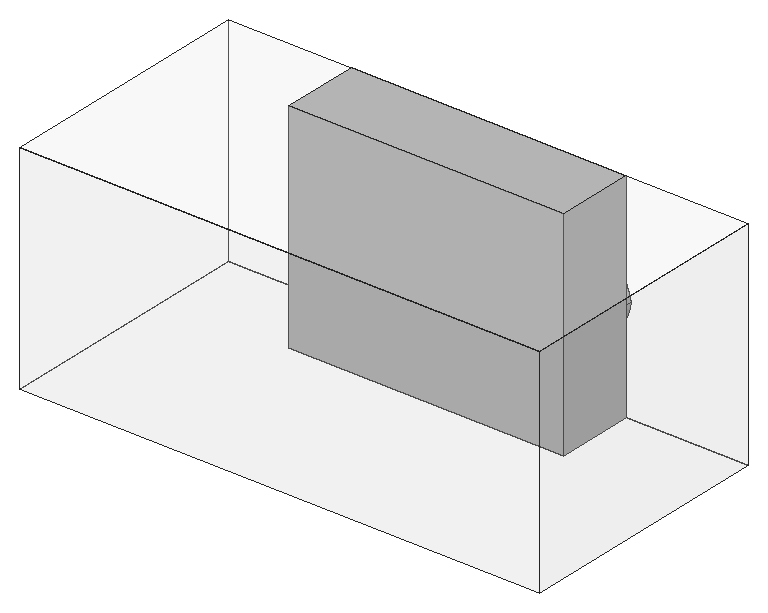
Revit family "scf-40_50lx_ls2_60Hz", category 機械設備, Revit 2019
Family settings
  丸型コネクタ寸法 = 直径を使用
  パーツ タイプ = 標準
  OmniClass 番号 = 23.75.10.34.21
  OmniClass タイトル = Heat Exchangers for Ventilation Air
  作業面ベース = いいえ
  常に垂直 = はい
  ロード時にボイドで切り取り = いいえ
  共有 = いいえ
  部屋計算ポイント = はい
Parameters (values of type "SCF-40LS2")
  騒音レベル(dB(A)) = 39.5
  風量 = 400.0 m³/h
  面風速 = 3.54 m/s
  電源種別 [instance] = "一般"
  電圧 = 100 V
  電動機出力 = 0 W
  集中コントローラ = ""
  運転質量 = 0.00 kg
  連動 [instance] = ""
  質量 = if(製品質量 > 運転質量, 製品質量, 運転質量) * 1.2  # 32.40 kg
  負荷分類 = 3_ファン類
  説明 = "学校用ロスナイ 床置形 スタンダードタイプ"
  設計風量 = 0.0 m³/h
  設置方法 = "床置形"
  記号 [instance] = ""
  製造元 = "三菱電機株式会社"
  製品質量 = 27.00 kg
  製品出荷対象 = "国内"
  製品リリース年月 = "2007/7/1"
  製品グループ = ""
  系統 [instance] = ""
  符号 = "HEU"
  積算_科目 = "1 空気調和設備"
  積算_拾い区分 [instance] = ""
  相 = 1
  盤記号 [instance] = ""
  発停方法 [instance] = "別売リモコン"
  特殊仕様 [instance] = ""
  火災停止 [instance] = ""
  温度交換効率 = 60.00%
  消費電力 = 149 W
  法定耐用年数 = "15"
  機外静圧_排気 = 40.0 Pa
  機外静圧 = 40.0 Pa
  極数 = 2
  材質 [instance] = ""
  本体マテリアル = none
  操作・制御方式 = ""
  操作・制御スイッチ = ""
  排気量 = 0.0 m³/h
  形式 = "床置形"
  幹線記号 [instance] = ""
  対象室 [instance] = ""
  実風量 = 0.0 m³/h
  始動方式 [instance] = "直入"
  外気量 = 0.0 m³/h
  呼称 = "全熱交換ユニット"
  周波数 = 60 Hz
  取付金具ピッチ1 = 845 mm
  取付金具_高さ = 580 mm
  参照している仕様書等のバージョン = ""
  初期抵抗 = 0.0 Pa
  分類コード = "50052504100050"
  分類グループ = ""
  価格 = 272000
  企業コード = "108420"
  付属品_フィルター_還気 = ""
  付属品_フィルター = ""
  付属品 [instance] = ""
  仕様書バージョン = "Version1.0"
  モデル = "SCF-40LS2"
  メンテナンススペース = yes
  コメント [instance] = ""
  Keynote = ""
  エンタルピ交換効率_暖房 = 45.00%
  エンタルピ交換効率_冷房 = 40.00%
  Assembly Code = ""
  Width = 900 mm
  Version = ""
  Uniclass2015Version = "Systems v1.9"
  Uniclass2015Title = "Thermal wheels"
  Uniclass2015Code = "Pr_60_60_36_88"
  URL = "https://www.mitsubishielectric.co.jp/ldg/wink/ssl/displayProduct.do?pid=161516"
  SpecificationReference = ""
  SpecificationDescription = ""
  Duct_W = 300 mm
  SAサイズ_D = 0 mm
  Revision = ""
  RAサイズ_D = 0 mm
  ProductInformation = ""
  OmniClassCode = "23-27 23 19 11"
  OAサイズ_W = 0 mm
  OAサイズ_D = 192 mm
  MIN風量 = 200.0 m³/h
  MIN静圧 = 10.0 Pa
  MAX風量 = 400.0 m³/h
  MAX静圧 = 40.0 Pa
  IfcTypeProduct = ""
  IfcProduct = ""
  IfcExportType = "ROTARYWHEEL"
  IfcExportAs = "IfcAirToAirHeatRecoveryType"
  Height = 710 mm
  EAサイズ_W = 0 mm
  EAサイズ_D = 192 mm
  Duct_Pitch = 600 mm
  Duct_Height = 280 mm
  Duct_Depth = 85 mm
  Depth = 255 mm
  Clearance Top = 0 mm
  Clearance Left = 400 mm
  Clearance Right = 400 mm
  Clearance Front = 600 mm
  Clearance Bottom = 0 mm
  Author = "三菱電機株式会社"
Types (4, lengths in mm): name | 騒音レベル(dB(A)) | 風量 | 面風速 | 質量 | 説明 | 製品質量 | 製品リリース年月 | 温度交換効率 | 消費電力 | 機外静圧_排気 | 機外静圧 | 取付金具_高さ | 価格 | モデル | エンタルピ交換効率_暖房 | エンタルピ交換効率_冷房 | URL | Duct_W | MIN風量 | MIN静圧 | MAX風量 | MAX静圧 | Height | Depth
  SCF-40LX | 39.5 | 400.0 m³/h | 3.54 m/s | 33.60 kg | "学校用ロスナイ 床置形 フリープランタイプ" | 28.00 kg | "2019/3/1" | 60.00% | 149 W | 40.0 Pa | 40.0 Pa | 580 | 335000 | "SCF-40LX" | 45.00% | 40.00% | "https://www.mitsubishielectric.co.jp/ldg/wink/ssl/displayProduct.do?pid=297464" | 300 | 200.0 m³/h | 10.0 Pa | 400.0 m³/h | 40.0 Pa | 710 | 255
  SCF-50LX | 43 | 500.0 m³/h | 4.42 m/s | 44.40 kg | "学校用ロスナイ 床置形 フリープランタイプ" | 37.00 kg | "2019/3/1" | 61.00% | 220 W | 60.0 Pa | 60.0 Pa | 485 | 401000 | "SCF-50LX" | 48.00% | 43.00% | "https://www.mitsubishielectric.co.jp/ldg/wink/ssl/displayProduct.do?pid=297467" | 275 | 300.0 m³/h | 22.0 Pa | 500.0 m³/h | 60.0 Pa | 860 | 295
  SCF-40LS2 | 39.5 | 400.0 m³/h | 3.54 m/s | 32.40 kg | "学校用ロスナイ 床置形 スタンダードタイプ" | 27.00 kg | "2007/7/1" | 60.00% | 149 W | 40.0 Pa | 40.0 Pa | 580 | 272000 | "SCF-40LS2" | 45.00% | 40.00% | "https://www.mitsubishielectric.co.jp/ldg/wink/ssl/displayProduct.do?pid=161516" | 300 | 200.0 m³/h | 10.0 Pa | 400.0 m³/h | 40.0 Pa | 710 | 255
  SCF-50LS2 | 43 | 500.0 m³/h | 4.42 m/s | 42.00 kg | "学校用ロスナイ 床置形 スタンダードタイプ" | 35.00 kg | "2007/7/1" | 61.00% | 220 W | 60.0 Pa | 60.0 Pa | 485 | 338000 | "SCF-50LS2" | 48.00% | 43.00% | "https://www.mitsubishielectric.co.jp/ldg/wink/ssl/displayProduct.do?pid=161517" | 275 | 300.0 m³/h | 22.0 Pa | 500.0 m³/h | 60.0 Pa | 860 | 295
Reference planes
  plane 1 "中心(正面/背面)": y = 0
  plane 2: z = 0
  plane 3 "中心(左/右)": x = 0
  plane 4: x = -450
  plane 5: x = 450
  plane 6: y = -255
  plane 7: z = 710
  plane 8: z = 280
  plane 9: x = -300
  plane 10: x = 300
  plane 11: x = -850
  plane 12: x = -422.5
  plane 13: x = 422.5
  plane 14: y = 85
  plane 15: x = 850
  plane 16: z = 710
  plane 17: y = -127.5
  plane 18: z = 580
  plane 19: x = 422.5
  plane 20: x = -422.5
  plane 21: x = -422.5
  plane 22: x = 422.5
  plane 23: y = -855
  plane 24: z = 0
Forms (mm)
  Extrusion 1, solid, material <- "本体マテリアル", detail levels fine
    sketch origin (0, 0, 0) x (1, 0, 0) y (0, 1, 0)
      loop
        line (-450, 0) -> (-450, -255) -> (450, -255) -> (450, 0) -> (-450, 0)
    from 0 to 710
  Extrusion 2, solid, material <- "本体マテリアル", detail levels fine
    sketch origin (510, -445, 0) x (-1, 0, 0) y (0, 0, -1)
      loop
        circle (210, -280) r 96
    from -445 to -530
  Extrusion 3, solid, material <- "本体マテリアル", detail levels fine
    sketch origin (-510, -445, 0) x (1, 0, 0) y (0, 0, 1)
      loop
        circle (210, 280) r 96
    from -445 to -530
Lines and regions (mm)
  Masking region 1, detail levels coarse+medium
    outline origin (1326.5, 29, 0) x (1, 0, 0) y (0, 1, 0)
      loop
        line (-1776.5, -29) -> (-1776.5, -284) -> (-876.5, -284) -> (-876.5, -29) -> (-1776.5, -29)
  symbolic lines, detail levels coarse+medium
    curve 1: line (0, 0, 0) -> (-450, -127.5, 0)
    curve 2: line (-450, -127.5, 0) -> (0, -255, 0)
    curve 3: line (0, -255, 0) -> (450, -127.5, 0)
    curve 4: line (450, -127.5, 0) -> (0, 0, 0)
Dimensions and locks
  equal spacing: plane 4, plane 3 "中心(左/右)", plane 5
  "Width": plane 4 to plane 5
  "Duct_Pitch": plane 10 to plane 9
  "Clearance Left": plane 11 to plane 4
  "Clearance Right": plane 5 to plane 15
  "Duct_W": plane 10 to plane 3 "中心(左/右)"
  "Duct_Height": plane 8 to level
  "Height": plane 7 to level
  "Depth": plane 1 "中心(正面/背面)" to plane 6
  equal spacing: plane 1 "中心(正面/背面)", plane 17, plane 6
  "Duct_Depth": plane 1 "中心(正面/背面)" to plane 14
  "取付金具_高さ": level to plane 18
  equal spacing: plane 20, plane 3 "中心(左/右)", plane 19
  equal spacing: plane 21, plane 3 "中心(左/右)", plane 22
  "取付金具ピッチ1": plane 21 to plane 22
  "Clearance Front": plane 6 to plane 23
  "Clearance Top": plane 16 to plane 7
  "Clearance Bottom": level to plane 24
  "OAサイズ_D": diameter of Extrusion 2 sketch curve
  "EAサイズ_D": diameter of Extrusion 3 sketch curve
  aligned and locked: level to plane 2
  aligned and locked: Extrusion 1 to plane 7
  aligned and locked: Masking region 1 to plane 4
  aligned and locked: plane 5 to Masking region 1
  aligned and locked: Masking region 1 to plane 6
  aligned and locked: Extrusion 3 to plane 14
  aligned and locked: Extrusion 2 to Extrusion 3
  aligned and locked: Masking region 1 to plane 1 "中心(正面/背面)"
  aligned and locked: Extrusion 1 to plane 1 "中心(正面/背面)"
  aligned and locked: plane 1 "中心(正面/背面)" to Extrusion 2
  aligned and locked: plane 1 "中心(正面/背面)" to Extrusion 3
  aligned and locked: plane 15 to nested 1
  aligned and locked: plane 11 to nested 1
  aligned and locked: plane 1 "中心(正面/背面)" to nested 1
  aligned and locked: plane 9 to nested 2
  aligned and locked: plane 13 to nested 2
  aligned and locked: plane 1 "中心(正面/背面)" to nested 2
  aligned and locked: nested 2 to plane 1 "中心(正面/背面)"
  aligned and locked: nested 1 to plane 23
  aligned and locked: plane 16 to nested 1
  aligned and locked: nested 1 to plane 24
Automatic sketch dimensions
  Extrusion 1 sketch curve to plane 4 = 0 mm
  Extrusion 1 sketch curve to plane 5 = 0 mm
  Extrusion 1 sketch curve to plane 6 = 0 mm
  Extrusion 2 sketch curve to plane 8 = 0 mm
  Extrusion 2 sketch curve to plane 10 = 0 mm
  Masking region 1 sketch curve to plane 4 = 0 mm
  Masking region 1 sketch curve to plane 5 = 0 mm
  Masking region 1 sketch curve to plane 6 = 0 mm
  Extrusion 3 sketch curve to plane 8 = 0 mm
  Extrusion 3 sketch curve to plane 9 = 0 mm
  curve 1 to plane 4 = 0 mm
  curve 2 to plane 3 "中心(左/右)" = 0 mm
  plane 1 "中心(正面/背面)" to curve 4 = 0 mm
  curve 4 to plane 3 "中心(左/右)" = 0 mm
  curve 4 to plane 5 = 0 mm
  curve 2 to plane 6 = 0 mm
  curve 2 to plane 17 = 0 mm
  curve 3 to plane 17 = 0 mm
  plane 1 "中心(正面/背面)" to Extrusion 1 sketch curve = 0 mm
  plane 1 "中心(正面/背面)" to Masking region 1 sketch curve = 0 mm
Nested families
  nested 1: "メンテナンススペース" at (0, -427.5, 355), visible <- "メンテナンススペース", type "メンテナンススペース"
    with Width 1700 mm, Height 710 mm, Depth 855 mm
  nested 2: "固定点" at (-300, 0, 0), type "固定点"
    with W 722.5 mm, D 0 mm
Connectors
  hvac at (300, 85, 280), driven by "OAサイズ_D", driven by "機外静圧", driven by "風量"
    settings: on Extrusion 2, index 2, duct flow 400.0 m³/h, flow factor 0, pres drop 40.0 Pa, loss coef 0, conn angle 0.00°, conn width 304.8 mm, conn height 304.8 mm, conn diameter 192 mm, duct sys type 4, conn prof type 0, flow config 0, flow direction 1, loss method 4, conn ref index -1, conn util no, is conn primary yes, conn desc ""
  hvac at (-300, 85, 280), driven by "EAサイズ_D", driven by "風量", driven by "機外静圧"
    settings: on Extrusion 3, index 10, duct flow 400.0 m³/h, flow factor 0, pres drop 40.0 Pa, loss coef 0, conn angle 0.00°, conn width 304.8 mm, conn height 304.8 mm, conn diameter 192 mm, duct sys type 3, conn prof type 0, flow config 0, flow direction 2, loss method 4, conn ref index -1, conn util no, is conn primary no, conn desc ""
  electrical at (0, 0, 355), driven by "極数", driven by "負荷分類", driven by "電圧", driven by "消費電力"
    settings: on Extrusion 1, index 13, voltage 100 V, apparent load 149 VA, apparent load phase1 0 VA, apparent load phase2 0 VA, apparent load phase3 0 VA, power factor 1, load classification "3_ファン類", number of poles 2, system type 30, power factor state 1, is connector primary yes, connector utility no, sub classification motor no, connector description ""
Definition of nested family "メンテナンススペース"
  Parameters (values of type "メンテナンススペース")
    Width [instance] = 500 mm
    Height [instance] = 500 mm
    Depth [instance] = 500 mm
  Reference planes
    plane 1 "中心(正面/背面)": y = 0
    plane 2: z = 0
    plane 3 "中心(左/右)": x = 0
    plane 4: y = -250
    plane 5: x = 250
    plane 6: y = 250
    plane 7: x = -250
    plane 8: z = 250
    plane 9: z = -250
  Forms (mm)
    Extrusion 1, solid
      sketch origin (-638.939, 0, 72.39) x (1, 0, 0) y (0, 1, 0)
        loop
          line (388.939, 250) -> (388.939, -250) -> (888.939, -250) -> (888.939, 250) -> (388.939, 250)
      from -322.39 to 177.61
  Lines and regions (mm)
    symbolic lines
      curve 1: line (-250, 0, 250) -> (250, 0, 250)
      curve 2: line (-250, 0, -250) -> (-250, 0, 250)
      curve 3: line (250, 0, -250) -> (-250, 0, -250)
      curve 4: line (250, 0, 250) -> (250, 0, -250)
      curve 5: line (0, -250, 250) -> (0, 250, 250)
      curve 6: line (0, -250, -250) -> (0, -250, 250)
      curve 7: line (0, 250, -250) -> (0, -250, -250)
      curve 8: line (0, 250, 250) -> (0, 250, -250)
      curve 9: line (-250, 250, 0) -> (250, 250, 0)
      curve 10: line (-250, -250, 0) -> (-250, 250, 0)
      curve 11: line (250, -250, 0) -> (-250, -250, 0)
      curve 12: line (250, 250, 0) -> (250, -250, 0)
  Dimensions and locks
    equal spacing: plane 7, plane 3 "中心(左/右)", plane 5
    equal spacing: plane 4, plane 1 "中心(正面/背面)", plane 6
    "Depth": plane 4 to plane 6
    "Width": plane 7 to plane 5
    equal spacing: plane 8, plane 2, plane 9
    "Height": plane 8 to plane 9
    aligned and locked: plane 9 to curve 3
    aligned and locked: plane 7 to curve 2
    aligned and locked: curve 4 to plane 5
    aligned and locked: plane 5 to Extrusion 1
    aligned and locked: Extrusion 1 to plane 7
    aligned and locked: Extrusion 1 to plane 9
    aligned and locked: plane 8 to Extrusion 1
    aligned and locked: plane 9 to curve 7
  Automatic sketch dimensions
    plane 4 to Extrusion 1 sketch curve = 0 mm
    Extrusion 1 sketch curve to plane 7 = 0 mm
    Extrusion 1 sketch curve to plane 5 = 0 mm
    plane 6 to Extrusion 1 sketch curve = 0 mm
    curve 2 to plane 8 = 0 mm
    plane 4 to curve 11 = 0 mm
    curve 11 to plane 7 = 0 mm
    curve 11 to plane 5 = 0 mm
    plane 6 to curve 10 = 0 mm
    curve 7 to plane 4 = 0 mm
    curve 7 to plane 6 = 0 mm
    curve 6 to plane 8 = 0 mm
Definition of nested family "固定点"
  Parameters (values of type "固定点")
    中心円 = 20 mm
    W [instance] = 1000 mm
    D [instance] = 1000 mm
  Reference planes
    plane 1 "中心(正面/背面)": y = 0
    plane 2: z = 0
    plane 3 "中心(左/右)": x = 0
    plane 4: x = 1000
    plane 5: y = 1000
  Lines and regions (mm)
    symbolic lines, detail levels fine
      curve 1: circle (0, 1000, 0) r 10 normal (0, 0, 1)
      curve 2: circle (0, 0, 0) r 10 normal (0, 0, 1)
      curve 3: circle (1000, 1000, 0) r 10 normal (0, 0, 1)
      curve 4: circle (1000, 0, 0) r 10 normal (0, 0, 1)
      curve 5: line (-200, 1000, 0) -> (1200, 1000, 0)
      curve 6: line (-200, 0, 0) -> (1200, 0, 0)
      curve 7: line (0, 1200, 0) -> (0, -200, 0)
      curve 8: line (1000, 1200, 0) -> (1000, -200, 0)
  Dimensions and locks
    "W": plane 3 "中心(左/右)" to plane 4
    "D": plane 1 "中心(正面/背面)" to plane 5
    "中心円": diameter of curve 1
    "中心円": diameter of curve 2
    "中心円": diameter of curve 3
    "中心円": diameter of curve 4
    aligned and locked: level to plane 2
    aligned and locked: plane 5 to curve 1
    aligned and locked: plane 3 "中心(左/右)" to curve 1
    aligned and locked: plane 3 "中心(左/右)" to curve 2
    aligned and locked: plane 1 "中心(正面/背面)" to curve 2
    aligned and locked: plane 4 to curve 3
    aligned and locked: plane 5 to curve 3
    aligned and locked: plane 1 "中心(正面/背面)" to curve 4
    aligned and locked: plane 4 to curve 4
    aligned and locked: plane 1 "中心(正面/背面)" to curve 6
    aligned and locked: curve 7 to plane 3 "中心(左/右)"
    aligned and locked: curve 8 to plane 4
  Automatic sketch dimensions
    curve 5 to plane 5 = 0 mm
    curve 6 to plane 3 "中心(左/右)" = 200 mm
    curve 5 to plane 3 "中心(左/右)" = 200 mm
    curve 4 to curve 6 = 200 mm
    curve 3 to curve 5 = 200 mm
    plane 1 "中心(正面/背面)" to curve 8 = 200 mm
    plane 1 "中心(正面/背面)" to curve 7 = 200 mm
    curve 3 to curve 8 = 200 mm
    curve 1 to curve 7 = 200 mm
